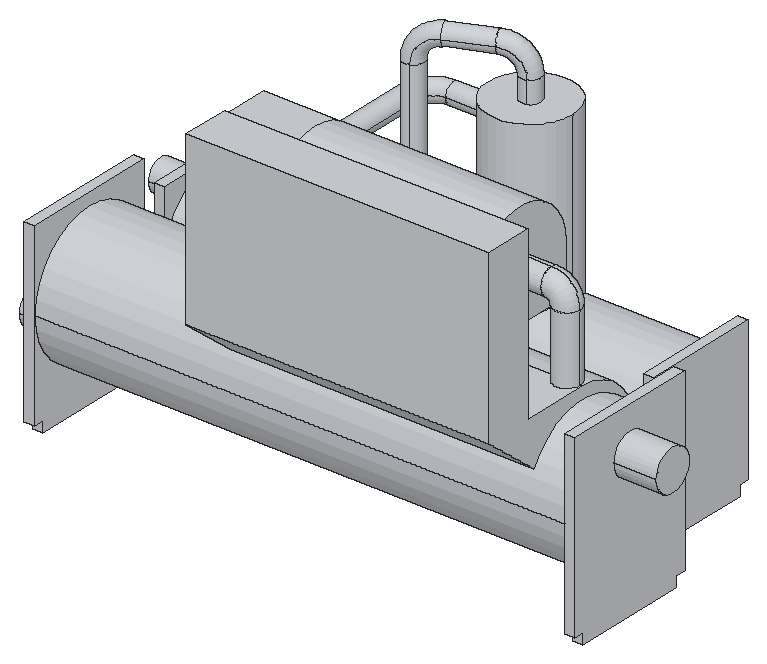
Revit family "d317168491204311b4768b5330e7d103", category Mechanical Equipment, Revit 2021
Family settings
  Round Connector Dimension = Use Radius
  Part Type = Normal
  OmniClass Number = 23.75.10.24.21.21.21
  OmniClass Title = Rotary-Screw Water Chillers
  Seek Item ID = Helical Rotary Liquid Chiller - Water Cooled - 175-225 Tons-0000-USA-ENU
  Work Plane-Based = No
  Always vertical = Yes
  Cut with Voids When Loaded = No
  Shared = No
  Room Calculation Point = No
Parameters (values of type "175-200 Tons")
  Voltage = 480 V
  Number of Poles = 3
  Load Classification = Cooling
  Length 1 = 5' - 3 1/4"
  Default Elevation = 0' - 0"
  Cooling Water Return Radius = Cooling Water Return Diameter / 2  # 3"
  Cooling Water Return Diameter = 6"
  Cooling Water Pressure Drop [instance] = 18.40 psi
  Chilled Water Supply Radius = Chilled Water Supply Diameter / 2  # 4"
  Chilled Water Return Radius = Chilled Water Return Diameter / 2  # 4"
  Chilled Water Return Diameter = 8"
  Chilled Water Supply Diameter = 8"
  Evaporator Length = 8' - 11 5/8"
  Chilled Water Pressure Drop [instance] = 16.60 psi
  Chilled Water Flow [instance] = 844 GPM
  Cooling Water Supply Radius = 3"
  Cooling Water Supply Diameter = Cooling Water Supply Radius * 2  # 6"
  Condenser Length = 8' - 1 1/2"
  Cooling Water Flow [instance] = 935 GPM
  Chiller Material = none
  Apparent Load = 217500 VA
Types (3): name | Length 1 | Evaporator Length | Chilled Water Pressure Drop | Chilled Water Flow | Condenser Length
  (no name) | 5' - 3 1/4" | 8' - 11 5/8" | 16.60 psi | 844 GPM | 8' - 1 1/2"
  175-200 Tons | 5' - 3 1/4" | 8' - 11 5/8" | 16.60 psi | 844 GPM | 8' - 1 1/2"
  200-225 Tons | 5' - 11 1/8" | 10' - 5 7/8" | 20.10 psi | 1022 GPM | 9' - 10"
Reference planes (in)
  plane 1 "Center (Front/Back)": y = 0
  plane 2: z = 0
  plane 3 "Center (Left/Right)": x = 0
  plane 4: x = 2
  plane 5: z = 2
  plane 6: y = -9.5
  plane 7: y = -19
  plane 8: y = -21
  plane 9: z = 30
  plane 10: x = 97.5
  plane 11: x = 95.5
  plane 12: y = 2
  plane 13: z = 17.75
  plane 14: x = 63.25
  plane 15: x = 0
  plane 16: x = 2
  plane 17: y = -39.5
  plane 18: x = 107.625
  plane 19: x = 105.625
  plane 20: z = 37
  plane 21: y = -28.125
  plane 22: y = -50.875
  plane 23: y = -26.125
  plane 24: y = -52.875
  plane 25: z = 21.375
  plane 26: z = 61.375
  plane 27: z = 46.5
  plane 28: z = 62.5
  plane 29: y = -33.5
  plane 30: y = -45.5
  plane 31: x = 31.25
  plane 32: x = 46.25
  plane 33: x = 86.25
  plane 34: z = 43.5
  plane 35: y = -28.5
  plane 36: y = -50.5
  plane 37: z = 53.25
  plane 38: z = 28.5
  plane 39: z = 64.25
  plane 40: z = 70.375
  plane 41: y = -62.375
  plane 42: y = -52.875
  plane 43: z = 24.25
  plane 44: x = 39.25
  plane 45: x = 98.375
  plane 46: z = 13.5
  plane 47: z = 23.5
  plane 48: z = 54.75
  plane 49: x = -8
  plane 50: x = 40.75
  plane 51: y = -10.125
  plane 52: x = 45.75
  plane 53: x = 95.375
  plane 54: z = 50.1875
  plane 55: x = 92.3125
  plane 56: x = 66.25
  plane 57: x = 61.375
  plane 58: z = 70.625
  plane 59: y = -8.25
  plane 60: y = -5.125
  plane 61: x = 46.25
  plane 62: y = -15.5
  plane 63: through (46.25, -15.5, 168) normal (-0.3923, 0.9198, 0)
  plane 64: z = 13.875
  plane 65: x = -8.375
  plane 66: x = 116
  plane 67: z = 72.625
  plane 68: z = 43
  plane 69: x = 68.8125
Forms (in)
  Extrusion 1, solid, material <- "Chiller Material"
    sketch origin (0, 0, 0) x (0, 1, 0) y (0, 0, 1)
      loop
        line (0, 0) -> (0, 2) -> (2, 2) -> (2, 30) -> (-21, 30) -> (-21, 2) -> (-19, 2) -> (-19, 0) -> (0, 0)
    from 0 to 2
  Extrusion 2, solid, material <- "Chiller Material"
    sketch origin (0, 0, 0) x (0, 1, 0) y (0, 0, 1)
      loop
        line (0, 0) -> (0, 2) -> (2, 2) -> (2, 30) -> (-21, 30) -> (-21, 2) -> (-19, 2) -> (-19, 0) -> (0, 0)
    from 95.5 to 97.5
  Extrusion 3, solid, material <- "Chiller Material"
    sketch origin (0, 0, 0) x (0, 1, 0) y (0, 0, 1)
      loop
        circle (-9.5, 17.75) r 11.5
    from 2 to 95.5
  Extrusion 4, solid, material <- "Chiller Material"
    sketch origin (0, 0, 0) x (0, 1, 0) y (0, 0, 1)
      loop
        line (-28.125, 0) -> (-28.125, 2) -> (-26.125, 2) -> (-26.125, 37) -> (-52.875, 37) -> (-52.875, 2) -> (-50.875, 2) -> (-50.875, 0) -> (-28.125, 0)
    from 0 to 2
  Extrusion 5, solid, material <- "Chiller Material"
    sketch origin (0, 0, 0) x (0, 1, 0) y (0, 0, 1)
      loop
        line (-28.125, 0) -> (-28.125, 2) -> (-26.125, 2) -> (-26.125, 37) -> (-52.875, 37) -> (-52.875, 2) -> (-50.875, 2) -> (-50.875, 0) -> (-28.125, 0)
    from 105.625 to 107.625
  Extrusion 6, solid, material <- "Chiller Material"
    sketch origin (0, 0, 0) x (0, 1, 0) y (0, 0, 1)
      loop
        circle (-39.5, 21.375) r 13.375
    from 2 to 105.625
  Extrusion 7, solid, material <- "Chiller Material"
    sketch origin (0, 0, 0) x (1, 0, 0) y (0, 1, 0)
      loop
        circle (63.25, -8.25) r 8.25
    from 17.75 to 61.375
  Extrusion 8, solid, material <- "Chiller Material"
    sketch origin (0, 0, 0) x (0, 1, 0) y (0, 0, 1)
      loop
        line (-33.5, 62.5) -> (-45.5, 62.5) -> (-45.5, 46.5) -> (-33.5, 46.5) -> (-33.5, 62.5)
    from 31.25 to 46.25
  Extrusion 9, solid, material <- "Chiller Material"
    sketch origin (0, 0, 0) x (0, 1, 0) y (0, 0, 1)
      loop
        line (-50.5, 53.25) -> (-50.5, 43.5) -> (-28.5, 43.5) -> (-28.5, 53.25)
        arc (-28.5, 53.25) -> (-39.5, 64.25) -> (-50.5, 53.25) r 11
    from 46.25 to 86.25
  Extrusion 10, solid, material <- "Chiller Material"
    sketch origin (0, 0, 0) x (0, 1, 0) y (0, 0, 1)
      loop
        line (-39.5, 37) -> (-52.875, 37) -> (-52.875, 70.375) -> (-62.375, 70.375) -> (-62.375, 37) -> (-47.18014, 24.25) -> (-26.75, 24.25)
        arc (-26.75, 24.25) -> (-30.48439, 33.26561) -> (-39.5, 37) r 12.75
    from 39.25 to 98.375
  Extrusion 11, solid, material <- "Chiller Material"
    sketch origin (0, 0, 0) x (0, 1, 0) y (0, 0, 1)
      loop
        circle (-9.5, 23.5) r 3
      loop
        circle (-9.5, 13.5) r 3
    from -8 to 0
  Sweep 12, solid, material <- "Chiller Material"
    path in 3D
      loop
        line (86.25, -39.5, 53.25) -> (92.3125, -39.5, 53.25)
        arc (92.3125, -39.5, 53.25) -> (94.47801, -39.5, 52.35301) -> (95.375, -39.5, 50.1875) r 3.0625
        line (95.375, -39.5, 50.1875) -> (95.375, -39.5, 21.375)
    profile origin (89.28125, -39.5, 53.25) x (0, 0, -1) y (0, 1, 0)
      loop
        circle (0, 0) r 2.5625
  Extrusion 13, solid, material <- "Chiller Material"
    sketch origin (0, 0, 0) x (1, 0, 0) y (0, 1, 0)
      loop
        circle (66.25, -39.5) r 4.875
    from 21.375 to 43.5
  Sweep 14, solid, material <- "Chiller Material"
    path in 3D
      loop
        line (40.75, -39.5, 54.75) -> (40.75, -10.125, 54.75)
        arc (40.75, -10.125, 54.75) -> (42.21447, -6.58947, 54.75) -> (45.75, -5.125, 54.75) r 5
        line (45.75, -5.125, 54.75) -> (63.25, -5.125, 54.75)
    profile origin (54.5, -5.125, 54.75) x (0, 1, 0) y (0, 0, 1)
      loop
        circle (0, 0) r 2
  Extrusion 15, solid, material <- "Chiller Material"
    sketch origin (0, 0, 0) x (0, 1, 0) y (0, 0, 1)
      loop
        circle (-39.5, 13.875) r 4
    from -8.375 to 0
  Extrusion 16, solid, material <- "Chiller Material"
    sketch origin (0, 0, 0) x (0, 1, 0) y (0, 0, 1)
      loop
        circle (-39.5, 28.5) r 4
    from 107.625 to 116
  Sweep 17, solid, material <- "Chiller Material"
    path in 3D
      loop
        line (46.21457, -15.51511, 17.75) -> (46.21457, -15.51511, 65.51601)
        arc (46.21457, -15.51511, 65.51601) -> (47.49076, -14.97085, 69.08346) -> (50.71353, -13.59644, 70.625) r 5.00119
        line (50.71353, -13.59644, 70.625) -> (58.63093, -10.2199, 70.625)
        arc (58.63093, -10.2199, 70.625) -> (61.88307, -8.83295, 69.16053) -> (63.23015, -8.25846, 65.625) r 5
        line (63.23015, -8.25846, 65.625) -> (63.23015, -8.25846, 61.375)
    profile origin (63.23015, -8.25846, 63.5) x (-0.392286, 0.919843, 0) y (-0.919843, -0.392286, 0)
      loop
        circle (0, -0.02158) r 2
  Extrusion 18, solid, material <- "Chiller Material"
    sketch origin (0, 0, 0) x (1, 0, 0) y (0, 0, 1)
      loop
        circle (68.8125, 43) r 0.75
    from 52.875 to 62.375
Cuts and joins
  joined: Extrusion 1, Extrusion 2, Extrusion 3, Extrusion 5, Extrusion 6, Extrusion 7, Extrusion 8, Extrusion 9, Extrusion 10, Extrusion 11, Sweep 12, Extrusion 13, Sweep 14, Extrusion 16, Sweep 17, Extrusion 18
Lines and regions (in)
  reference lines
    curve 1: line (45.75, -5.125, 54.75) -> (63.25, -5.125, 54.75)
    curve 2: line (40.75, -10.125, 54.75) -> (40.75, -39.5, 54.75)
    curve 3: line (86.25, -39.5, 53.25) -> (92.3125, -39.5, 53.25)
    curve 4: line (95.375, -39.5, 50.1875) -> (95.375, -39.5, 21.375)
    curve 5: arc (92.3125, -39.5, 53.25) -> (94.47801, -39.5, 52.35301) -> (95.375, -39.5, 50.1875) r 3.0625
    curve 9: arc (45.75, -5.125, 54.75) -> (42.21447, -6.58947, 54.75) -> (40.75, -10.125, 54.75) r 5
    curve 13: line (58.63093, -10.2199, 70.625) -> (50.71353, -13.59644, 70.625)
    curve 14: line (46.21457, -15.51511, 65.51601) -> (46.21457, -15.51511, 17.75)
    curve 15: line (63.23015, -8.25846, 65.625) -> (63.23015, -8.25846, 61.375)
    curve 16: arc (63.23015, -8.25846, 65.625) -> (61.88307, -8.83295, 69.16053) -> (58.63093, -10.2199, 70.625) r 5
    curve 17: arc (46.21457, -15.51511, 65.51601) -> (47.49076, -14.97085, 69.08346) -> (50.71353, -13.59644, 70.625) r 5.00119
  sketch lines
    curve 6: line (86.25, -39.5, 53.25) -> (92.3125, -39.5, 53.25)
    curve 7: arc (92.3125, -39.5, 53.25) -> (94.47801, -39.5, 52.35301) -> (95.375, -39.5, 50.1875) r 3.0625
    curve 8: line (95.375, -39.5, 50.1875) -> (95.375, -39.5, 21.375)
    curve 10: line (45.75, -5.125, 54.75) -> (63.25, -5.125, 54.75)
    curve 11: arc (45.75, -5.125, 54.75) -> (42.21447, -6.58947, 54.75) -> (40.75, -10.125, 54.75) r 5
    curve 12: line (40.75, -10.125, 54.75) -> (40.75, -39.5, 54.75)
    curve 18: line (63.23015, -8.25846, 65.625) -> (63.23015, -8.25846, 61.375)
    curve 19: arc (63.23015, -8.25846, 65.625) -> (61.88307, -8.83295, 69.16053) -> (58.63093, -10.2199, 70.625) r 5
    curve 20: line (58.63093, -10.2199, 70.625) -> (50.71353, -13.59644, 70.625)
    curve 21: arc (46.21457, -15.51511, 65.51601) -> (47.49076, -14.97085, 69.08346) -> (50.71353, -13.59644, 70.625) r 5.00119
    curve 22: line (46.21457, -15.51511, 65.51601) -> (46.21457, -15.51511, 17.75)
Dimensions and locks (in)
  locked: plane 3 "Center (Left/Right)" to plane 4 at 2
  locked: plane 5 to plane 2 at 2
  locked: plane 6 to plane 7 at 9.5
  locked: plane 7 to plane 8 at 2
  locked: plane 9 to plane 2 at 30
  "Condenser Length": plane 3 "Center (Left/Right)" to plane 10
  locked: plane 11 to plane 10 at 2
  locked: plane 12 to plane 1 "Center (Front/Back)" at 2
  locked: plane 1 "Center (Front/Back)" to plane 6 at 9.5
  locked: plane 13 to plane 2 at 17.75
  locked: plane 3 "Center (Left/Right)" to plane 14 at 63.25
  "Length 1": plane 15 to plane 14
  locked: plane 15 to plane 16 at 2
  locked: plane 6 to plane 17 at 30
  "Evaporator Length": plane 15 to plane 18
  locked: plane 19 to plane 18 at 2
  locked: plane 20 to plane 2 at 37
  locked: plane 21 to plane 17 at 11.375
  locked: plane 17 to plane 22 at 11.375
  locked: plane 23 to plane 21 at 2
  locked: plane 22 to plane 24 at 2
  locked: plane 25 to plane 2 at 21.375
  locked: plane 26 to plane 9 at 31.375
  locked: plane 27 to plane 2 at 46.5
  locked: plane 28 to plane 27 at 16
  locked: plane 29 to plane 17 at 6
  locked: plane 17 to plane 30 at 6
  locked: plane 31 to plane 14 at 32
  locked: plane 32 to plane 14 at 17
  locked: plane 14 to plane 33 at 23
  locked: plane 34 to plane 2 at 43.5
  locked: plane 35 to plane 17 at 11
  locked: plane 17 to plane 36 at 11
  locked: plane 38 to plane 2 at 28.5
  locked: plane 37 to plane 38 at 24.75
  locked: plane 39 to plane 37 at 11
  locked: plane 40 to plane 2 at 70.375
  locked: plane 12 to plane 41 at 64.375
  locked: plane 42 to plane 41 at 9.5
  locked: plane 43 to plane 25 at 2.875
  locked: plane 44 to plane 14 at 24
  locked: plane 14 to plane 45 at 35.125
  locked: plane 46 to plane 2 at 13.5
  locked: plane 47 to plane 46 at 10
  locked: plane 48 to plane 47 at 31.25
  locked: plane 49 to plane 3 "Center (Left/Right)" at 8
  locked: plane 50 to plane 14 at 22.5
  locked: plane 50 to plane 52 at 5
  locked: plane 33 to plane 53 at 9.125
  locked: plane 54 to plane 37 at 3.0625
  locked: plane 55 to plane 53 at 3.0625
  locked: plane 57 to plane 56 at 4.875
  locked: plane 58 to plane 2 at 70.625
  locked: plane 6 to plane 59 at 1.25
  locked: plane 60 to plane 59 at 3.125
  locked: plane 60 to plane 51 at 5
  locked: plane 61 to plane 14 at 17
  locked: plane 6 to plane 62 at 6
  locked: plane 64 to plane 2 at 13.875
  locked: plane 65 to plane 15 at 8.375
  locked: plane 18 to plane 66 at 8.375
  locked: plane 67 to plane 58 at 2
  locked: plane 20 to plane 68 at 6
  equal spacing: plane 45, plane 69, plane 44
  locked: plane 4 to plane 57 at 59.375
  radius of Extrusion 3 sketch curve = 0' - 11 1/2"
  radius of Extrusion 6 sketch curve = 1' - 1 3/8"
  radius of Extrusion 7 sketch curve = 0' - 8 1/4"
  radius of Extrusion 9 sketch curve = 0' - 11"
  radius of Extrusion 10 sketch curve = 1' - 0 3/4"
  "Cooling Water Supply Radius": radius of Extrusion 11 sketch curve
  "Cooling Water Return Radius": radius of Extrusion 11 sketch curve
  radius of curve 5 = 0' - 3 1/16"
  radius of Sweep 12 sketch curve = 0' - 2 9/16"
  radius of Extrusion 13 sketch curve = 0' - 4 7/8"
  radius of curve 9 = 0' - 5"
  radius of Sweep 14 sketch curve = 0' - 2"
  "Chilled Water Return Radius": radius of Extrusion 15 sketch curve
  "Chilled Water Supply Radius": radius of Extrusion 16 sketch curve
  radius of Sweep 17 sketch curve = 0' - 2"
  radius of Extrusion 18 sketch curve = 0' - 0 3/4"
  angle Extrusion 10 sketch curve to Extrusion 10 sketch curve = 90.00°
  locked: Extrusion 10 sketch curve to plane 20 (angle 140.00°)
  angle curve 5 to curve 5 = 90.00°
  angle curve 9 to curve 9 = 90.00°
  aligned and locked: plane 1 "Center (Front/Back)" to Extrusion 1 sketch curve
  aligned and locked: plane 7 to Extrusion 1 sketch curve
  aligned and locked: Extrusion 1 sketch curve to plane 2
  aligned and locked: Extrusion 1 sketch curve to plane 7
  aligned and locked: Extrusion 1 sketch curve to plane 5  (x2)
  aligned and locked: plane 5 to Extrusion 1 sketch curve  (x2)
  aligned and locked: Extrusion 1 sketch curve to plane 1 "Center (Front/Back)"
  aligned and locked: plane 9 to Extrusion 1 sketch curve  (x2)
  aligned and locked: Extrusion 1 sketch curve to plane 12
  aligned and locked: Extrusion 1 sketch curve to plane 8
  aligned and locked: Extrusion 1 to plane 3 "Center (Left/Right)"
  aligned and locked: plane 4 to Extrusion 1
  aligned and locked: plane 1 "Center (Front/Back)" to Extrusion 2 sketch curve
  aligned and locked: plane 7 to Extrusion 2 sketch curve
  aligned and locked: Extrusion 2 sketch curve to plane 2
  aligned and locked: plane 5 to Extrusion 2 sketch curve  (x2)
  aligned and locked: Extrusion 2 sketch curve to plane 1 "Center (Front/Back)"
  aligned and locked: Extrusion 2 sketch curve to plane 5  (x2)
  aligned and locked: plane 2 to Extrusion 2 sketch curve
  aligned and locked: Extrusion 2 sketch curve to plane 7
  aligned and locked: plane 9 to Extrusion 2 sketch curve  (x2)
  aligned and locked: Extrusion 2 sketch curve to plane 8
  aligned and locked: Extrusion 2 sketch curve to plane 12
  aligned and locked: plane 10 to Extrusion 2
  aligned and locked: Extrusion 2 to plane 11
  aligned and locked: plane 13 to Extrusion 3 sketch curve
  aligned and locked: plane 6 to Extrusion 3 sketch curve
  aligned and locked: plane 11 to Extrusion 3
  aligned and locked: Extrusion 3 to plane 4
  aligned and locked: plane 21 to Extrusion 4 sketch curve
  aligned and locked: plane 22 to Extrusion 4 sketch curve
  aligned and locked: Extrusion 4 sketch curve to plane 2
  aligned and locked: plane 5 to Extrusion 4 sketch curve  (x4)
  aligned and locked: Extrusion 4 sketch curve to plane 21
  aligned and locked: Extrusion 4 sketch curve to plane 23
  aligned and locked: plane 2 to Extrusion 4 sketch curve
  aligned and locked: Extrusion 4 sketch curve to plane 22
  aligned and locked: plane 20 to Extrusion 4 sketch curve
  aligned and locked: Extrusion 4 sketch curve to plane 24
  aligned and locked: Extrusion 4 sketch curve to plane 20
  aligned and locked: Extrusion 4 to plane 15
  aligned and locked: plane 16 to Extrusion 4
  aligned and locked: plane 21 to Extrusion 5 sketch curve
  aligned and locked: plane 22 to Extrusion 5 sketch curve
  aligned and locked: Extrusion 5 sketch curve to plane 2
  aligned and locked: Extrusion 5 sketch curve to plane 21
  aligned and locked: plane 5 to Extrusion 5 sketch curve  (x4)
  aligned and locked: Extrusion 5 sketch curve to plane 23
  aligned and locked: plane 2 to Extrusion 5 sketch curve
  aligned and locked: Extrusion 5 sketch curve to plane 22
  aligned and locked: plane 20 to Extrusion 5 sketch curve
  aligned and locked: plane 24 to Extrusion 5 sketch curve
  aligned and locked: Extrusion 5 sketch curve to plane 20
  aligned and locked: plane 18 to Extrusion 5
  aligned and locked: Extrusion 5 to plane 19
  aligned and locked: plane 25 to Extrusion 6 sketch curve
  aligned and locked: plane 17 to Extrusion 6 sketch curve
  aligned and locked: plane 19 to Extrusion 6
  aligned and locked: Extrusion 6 to plane 16
  aligned and locked: plane 14 to Extrusion 7 sketch curve
  aligned and locked: plane 26 to Extrusion 7
  aligned and locked: Extrusion 7 to plane 13
  aligned and locked: plane 29 to Extrusion 8 sketch curve
  aligned and locked: plane 28 to Extrusion 8 sketch curve
  aligned and locked: plane 27 to Extrusion 8 sketch curve
  aligned and locked: plane 30 to Extrusion 8 sketch curve
  aligned and locked: plane 32 to Extrusion 8
  aligned and locked: Extrusion 8 to plane 31
  aligned and locked: plane 37 to Extrusion 9 sketch curve  (x3)
  aligned and locked: plane 17 to Extrusion 9 sketch curve
  aligned and locked: plane 34 to Extrusion 9 sketch curve
  aligned and locked: plane 35 to Extrusion 9 sketch curve
  aligned and locked: plane 36 to Extrusion 9 sketch curve
  aligned and locked: Extrusion 9 sketch curve to plane 34
  aligned and locked: plane 33 to Extrusion 9
  aligned and locked: Extrusion 9 to plane 32
  aligned and locked: plane 17 to Extrusion 10 sketch curve  (x2)
  aligned and locked: Extrusion 10 sketch curve to plane 20
  aligned and locked: plane 20 to Extrusion 10 sketch curve  (x2)
  aligned and locked: Extrusion 10 sketch curve to plane 42
  aligned and locked: Extrusion 10 sketch curve to plane 40
  aligned and locked: plane 40 to Extrusion 10 sketch curve
  aligned and locked: Extrusion 10 sketch curve to plane 41
  aligned and locked: Extrusion 10 sketch curve to plane 43
  aligned and locked: plane 45 to Extrusion 10
  aligned and locked: Extrusion 10 to plane 44
  aligned and locked: plane 47 to Extrusion 11 sketch curve
  aligned and locked: plane 6 to Extrusion 11 sketch curve  (x2)
  aligned and locked: plane 46 to Extrusion 11 sketch curve
  aligned and locked: Extrusion 11 to plane 49
  aligned and locked: plane 3 "Center (Left/Right)" to Extrusion 11
  aligned and locked: plane 14 to curve 1
  aligned and locked: plane 52 to curve 1
  aligned and locked: plane 17 to curve 2
  aligned and locked: plane 33 to curve 3
  aligned and locked: plane 55 to curve 3
  aligned and locked: plane 37 to curve 3
  aligned and locked: plane 54 to curve 4
  aligned and locked: plane 25 to curve 4
  aligned and locked: curve 4 to plane 53
  aligned and locked: plane 37 to Sweep 12 sketch curve
  aligned and locked: plane 17 to Sweep 12 sketch curve
  aligned and locked: plane 56 to Extrusion 13 sketch curve
  aligned and locked: plane 17 to Extrusion 13 sketch curve
  aligned and locked: plane 34 to Extrusion 13
  aligned and locked: Extrusion 13 to plane 25
  aligned and locked: plane 59 to Extrusion 7 sketch curve
  aligned and locked: curve 1 to plane 60
  aligned and locked: plane 52 to curve 9
  aligned and locked: plane 48 to Sweep 14 sketch curve
  aligned and locked: plane 60 to Sweep 14 sketch curve
  aligned and locked: plane 13 to curve 14
  aligned and locked: plane 26 to curve 15
  aligned and locked: plane 64 to Extrusion 15 sketch curve
  aligned and locked: plane 17 to Extrusion 15 sketch curve
  aligned and locked: Extrusion 15 to plane 65
  aligned and locked: plane 15 to Extrusion 15
  aligned and locked: plane 38 to Extrusion 16 sketch curve
  aligned and locked: plane 17 to Extrusion 16 sketch curve
  aligned and locked: plane 66 to Extrusion 16
  aligned and locked: Extrusion 16 to plane 18
  aligned and locked: curve 13 to plane 58
  aligned and locked: plane 59 to Sweep 17 sketch curve
  aligned and locked: plane 14 to Sweep 17 sketch curve
  aligned and locked: plane 68 to Extrusion 18 sketch curve
  aligned and locked: plane 69 to Extrusion 18 sketch curve
  aligned and locked: plane 41 to Extrusion 18
  aligned and locked: Extrusion 18 to plane 24
Automatic sketch dimensions
  curve 17 to curve 14 = 0' - 0"  (x2)
  curve 16 to curve 14 = 0' - 0.10899"
  curve 16 to curve 14 = 1' - 1.49835"
  curve 15 to plane 26 = 0' - 0"
  curve 13 to plane 58 = 0' - 0"
  curve 14 to plane 13 = 0' - 0"
  plane 39 to curve 15 = 0' - 1 3/8"
  curve 15 to curve 13 = 0' - 5"
  curve 13 to curve 13 = 0' - 8.60734"
  curve 15 to curve 14 = 1' - 6.49835"
  plane 39 to curve 14 = 0' - 1.26601"
  curve 16 to curve 16 = 0' - 5"
  curve 17 to curve 14 = 0' - 5.10899"
  curve 17 to curve 14 = 0' - 0.10899"
  curve 14 to curve 17 = 0' - 5"
Connectors (in)
  piping at (116, -39.5, 28.5), diameter 8, driven by "Chilled Water Flow", driven by "Chilled Water Supply Radius", driven by "Chilled Water Pressure Drop"
    settings: on Extrusion 16, index 1, connector inside diameter 8", connector length 0' - 0", flow factor 0, pipe flow 844 GPM, pressure drop 16.60 psi, fitting loss kfactor 0, connector angle 0.00°, fixture units 0, engagement length 0' - 0", angle of deflection 0.00°, flow configuration 0, flow direction 2, fitting loss method 4, system type 7, joint type 0, gender type 0, connector reference index 2, connector utility 0, adjustable connector no, is connector primary yes, connector description "Chilled Water Out"
  piping at (-8.375, -39.5, 13.875), diameter 8, driven by "Chilled Water Flow", driven by "Chilled Water Supply Radius"
    settings: on Extrusion 15, index 2, connector inside diameter 8", connector length 0' - 0", flow factor 0, pipe flow 844 GPM, pressure drop 0.00 psi, fitting loss kfactor 0, connector angle 0.00°, fixture units 0, engagement length 0' - 0", angle of deflection 0.00°, flow configuration 0, flow direction 1, fitting loss method 4, system type 8, joint type 0, gender type 0, connector reference index 1, connector utility 0, adjustable connector no, is connector primary no, connector description "Chilled Water In"
  piping at (-8, -9.5, 23.5), diameter 6, driven by "Cooling Water Flow", driven by "Cooling Water Supply Radius"
    settings: on Extrusion 11, index 3, connector inside diameter 6", connector length 0' - 0", flow factor 0, pipe flow 935 GPM, pressure drop 0.00 psi, fitting loss kfactor 0, connector angle 0.00°, fixture units 0, engagement length 0' - 0", angle of deflection 0.00°, flow configuration 1, flow direction 1, fitting loss method 4, system type 7, joint type 0, gender type 0, connector reference index 4, connector utility 0, adjustable connector no, is connector primary no, connector description "Cooling Water In"
  piping at (-8, -9.5, 13.5), diameter 6, driven by "Cooling Water Flow", driven by "Cooling Water Return Radius", driven by "Cooling Water Pressure Drop"
    settings: on Extrusion 11, index 4, connector inside diameter 6", connector length 0' - 0", flow factor 0, pipe flow 935 GPM, pressure drop 18.40 psi, fitting loss kfactor 0, connector angle 0.00°, fixture units 0, engagement length 0' - 0", angle of deflection 0.00°, flow configuration 1, flow direction 2, fitting loss method 4, system type 8, joint type 0, gender type 0, connector reference index 3, connector utility 0, adjustable connector no, is connector primary no, connector description "Cooling Water Out"
  electrical at (68.8125, -52.875, 43), driven by "Apparent Load", driven by "Voltage", driven by "Number of Poles", driven by "Load Classification"
    settings: on Extrusion 18, index 5, voltage 480 V, apparent load 217500 VA, apparent load phase1 0 VA, apparent load phase2 0 VA, apparent load phase3 0 VA, power factor 0.8, load classification "Cooling", number of poles 3, system type 30, power factor state 1, is connector primary yes, connector utility no, sub classification motor no, connector description ""
